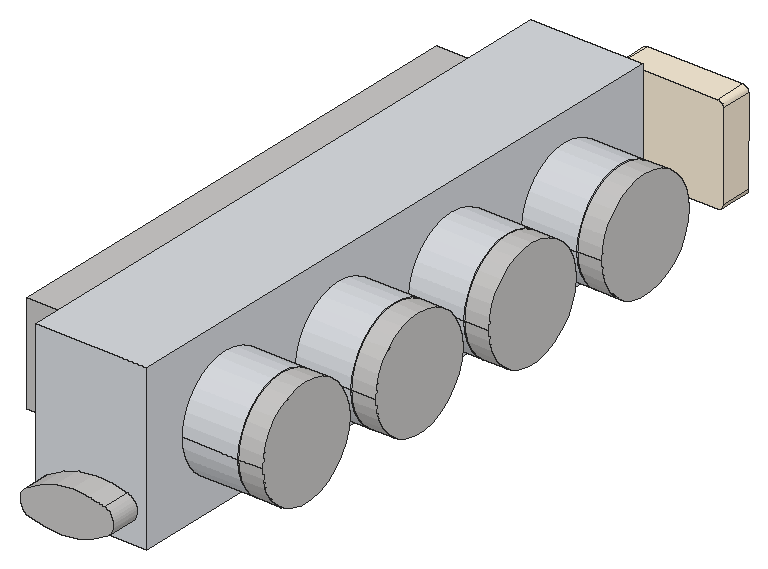
Revit family "HVAC_Ductwork_Airzone_Motorized-Plenum_Toshiba_Standard_4-Dampers", category Mechanical Equipment, Revit 2016
Family settings
  Part Type = Normal
  Round Connector Dimension = Use Diameter
  OmniClass Number = 23.75.70.14
  OmniClass Title = Air Ductwork
  Work Plane-Based = No
  Always vertical = Yes
  Cut with Voids When Loaded = No
  Shared = No
  Room Calculation Point = No
Parameters (values of type "TOSST04M4")
  Voltage = 230 V
  URL = "www.airzone.es"
  Type Image Comments = "Image available in product documentation download"  # constant formula
  Revit Model Version = "1.0"  # constant formula
  Revit Model Author URL = "www.a3d.es"
  Revit Model Author = "A3D Consulting"  # constant formula
  Product Documentation Download URL = "http://doc.airzone.es/BIM/Easyzone/Toshiba-Airzone_motorized_plenum.zip"
  Product Comments = "Refer to technical documentation for further details"  # constant formula
  Power Factor = 1
  Neck Width = 943.600 mm
  Neck Length = 95.000 mm
  Neck Height = 183.600 mm
  Material = Metal - AIRZONE - Galvanized Sheet - Semi-polished
  Main Control Board Material = Plastic - AIRZONE - Smooth - Off-white
  Load Classification = Other
  Insulated Body Width = 205.000 mm  # constant formula
  Insulated Body Material = Metal -AIRZONE - Insulating Lining -Aluminum Finish
  Insulated Body Length = 1140.000 mm  # constant formula
  Insulated Body Height = 300.000 mm  # constant formula
  Flow [instance] = Damper 4 Air Flow + Damper 3 Air Flow + Damper 2 Air Flow + Damper 1 Air Flow - Fresh Air Inlet 2 Flow - Fresh Air Inlet 1 Flow  # 1200 m³/h
  Fresh Air Inlet 1 Flow [instance] = 0 m³/h
  Fresh Air Inlet 2 Flow [instance] = 0 m³/h
  Fresh Air Inlet Connection Width = 175.000 mm
  Fresh Air Inlet Connection Height = 75.000 mm
  Model = "TOSST04M4"
  Neck Side Offset = 98.200 mm
  Neck Bottom Offset = 83.200 mm
  Type Image = <None>
  Manufacturer = "AIRZONE"  # constant formula
  Main Control Board Depth = 57.000 mm  # constant formula
  Main Control Board Width = 195.000 mm  # constant formula
  Main Control Board Height = 180.000 mm  # constant formula
  Fixing = ""
  Disclaimer = "All information provided in this model is reviewed before being published. However, Airzone cannot guarantee this model is error-free, therefore users are strongly encouraged to check for technical documentation and updates"  # constant formula
  Description = "Airzone standard motorized plenum with neck that mechanically adapts to the main ducted AC units of Toshiba."
  Type Comments = ""
  Dampers Length = 149.000 mm  # constant formula
  Dampers Diameter = 200.000 mm  # constant formula
  Damper 4 Air Flow [instance] = 300 m³/h
  Damper 1 Air Flow [instance] = 300 m³/h
  Damper 2 Air Flow [instance] = 300 m³/h
  Damper 3 Air Flow [instance] = 300 m³/h
  Fresh Air Inlet Connection Offset Height = 48.305 mm  # constant formula
  Compatible Accesories = ""
  Apparent Load = 57.5 VA
Types (7, lengths in mm): name | Neck Width | Neck Height | Model | Neck Side Offset | Neck Bottom Offset
  TOSST04M4 | 943.600 | 183.600 | "TOSST04M4" | 98.200 | 83.200
  TOSST03M4 | 943.600 | 183.600 | "TOSST03M4" | 98.200 | 83.200
  TOSST03S4 | 643.600 | 183.600 | "TOSST03S4" | 248.200 | 83.200
  TOSST02M4 | 805.600 | 220.600 | "TOSST02M4" | 207.200 | 39.700
  TOSST02S4 | 505.600 | 220.600 | "TOSST02S4" | 357.200 | 39.700
  TOSST01M4 | 813.600 | 213.600 | "TOSST01M4" | 203.200 | 48.200
  TOSST01S4 | 513.600 | 213.600 | "TOSST01S4" | 353.200 | 48.200
Reference planes
  plane 1 "Center (Front/Back)": y = 0
  plane 2 "Center (Elevation)": z = 0
  plane 3 "Center (Left/Right)": x = 0
  plane 4 "Neck Back": y = 471.8
  plane 5 "Neck Front": y = -471.8
  plane 6 "Neck Top": z = 91.8
  plane 7 "Neck Bottom": z = -91.8
  plane 8 "Left": x = 95
  plane 9 "Bottom": z = -175
  plane 10 "Top": z = 125
  plane 11 "Front": y = -570
  plane 12 "Back": y = 570
  plane 13 "Right": x = 300
  plane 14 "Dampers Front": x = 449
  plane 15 "Dampers Center (Elevation)": z = -25
  plane 16 "Damper3": y = -130
  plane 17 "Damper2": y = 130
  plane 18 "Damper1": y = 390
  plane 19 "Middle": y = 0
  plane 20 "FreshAir Center (Elevation)": z = -126.695
  plane 21 "FreshAir1": y = 622.5
  plane 22 "FreshAir2": y = -622.5
  plane 23 "Dampers Lining": x = 404
  plane 24 "FreshAir Vertical Axis": x = 195.83
  plane 25 "ConnectionBox Side": x = 254
  plane 26 "Main Control Board Center (Left/Right)": x = 351.5
  plane 27 "Damper4": y = -390
Forms (mm)
  Extrusion 1, solid, material "Metal - AIRZONE - Galvanized Sheet - Semi-polished" <- "Material"
    sketch origin (0, 0, 0) x (0, 1, 0) y (0, 0, 1)
      loop
        line (-471.8, 91.8) -> (-471.8, -91.8) -> (471.8, -91.8) -> (471.8, 91.8) -> (-471.8, 91.8)
    from 0 to 95
  Extrusion 2, solid, material "Metal -AIRZONE - Insulating Lining -Aluminum Finish" <- "Insulated Body Material"
    sketch origin (95, 0, 0) x (0, 1, 0) y (0, 0, 1)
      loop
        line (-570, 125) -> (-570, -175) -> (570, -175) -> (570, 125) -> (-570, 125)
    from 0 to 205
  Extrusion 3, solid, material "Metal - AIRZONE - Galvanized Sheet - Semi-polished" <- "Material"
    sketch origin (300, 0, 0) x (0, 1, 0) y (0, 0, 1)
      loop
        circle (-130, -25) r 100
    from 104 to 149
  Extrusion 4, solid, material "Metal - AIRZONE - Galvanized Sheet - Semi-polished" <- "Material"
    sketch origin (300, 0, 0) x (0, 1, 0) y (0, 0, 1)
      loop
        circle (130, -25) r 100
    from 104 to 149
  Extrusion 5, solid, material "Metal - AIRZONE - Galvanized Sheet - Semi-polished" <- "Material"
    sketch origin (300, 0, 0) x (0, 1, 0) y (0, 0, 1)
      loop
        circle (390, -25) r 100
    from 104 to 149
  Extrusion 6, solid, material "Metal - AIRZONE - Galvanized Sheet - Semi-polished" <- "Material"
    sketch origin (0, -570, 0) x (0, 0, 1) y (1, 0, 0)
      loop
        arc (-94.141, 265.204) -> (-115.608, 282.105) -> (-140.312, 270.434) r 25.96
        arc (-140.312, 270.434) -> (-166.302, 200.598) -> (-158.849, 126.456) r 164.67
        arc (-158.849, 126.456) -> (-137.665, 109.589) -> (-112.994, 120.751) r 25.96
        arc (-112.994, 120.751) -> (-86.725, 190.78) -> (-94.141, 265.204) r 164.67
    from 0 to -52.5
  Extrusion 7, solid, material "Metal - AIRZONE - Galvanized Sheet - Semi-polished" <- "Material"
    sketch origin (0, 570, 0) x (0, 0, 1) y (1, 0, 0)
      loop
        arc (-94.141, 265.204) -> (-115.325, 282.071) -> (-139.996, 270.909) r 25.96
        arc (-139.996, 270.909) -> (-166.179, 201.53) -> (-159.267, 127.699) r 164.67
        arc (-159.267, 127.699) -> (-138.032, 109.637) -> (-112.678, 121.226) r 25.96
        arc (-112.678, 121.226) -> (-86.688, 191.062) -> (-94.141, 265.204) r 164.67
    from 0 to 52.5
  Extrusion 8, solid, material "Metal -AIRZONE - Insulating Lining -Aluminum Finish" <- "Insulated Body Material"
    sketch origin (300, 0, 0) x (0, 1, 0) y (0, 0, 1)
      loop
        circle (390, -25) r 100
    from 0 to 104
  Extrusion 9, solid, material "Metal -AIRZONE - Insulating Lining -Aluminum Finish" <- "Insulated Body Material"
    sketch origin (300, -260, 0) x (0, 1, 0) y (0, 0, 1)
      loop
        circle (390, -25) r 100
    from 0 to 104
  Extrusion 10, solid, material "Metal -AIRZONE - Insulating Lining -Aluminum Finish" <- "Insulated Body Material"
    sketch origin (300, -520, 0) x (0, 1, 0) y (0, 0, 1)
      loop
        circle (390, -25) r 100
    from 0 to 104
  Extrusion 11, solid, material "Metal - AIRZONE - Galvanized Sheet - Semi-polished" <- "Material"
    sketch origin (300, -190, 0) x (0, 1, 0) y (0, 0, 1)
      loop
        circle (-200, -25) r 100
    from 104 to 149
  Extrusion 12, solid, material "Metal -AIRZONE - Insulating Lining -Aluminum Finish" <- "Insulated Body Material"
    sketch origin (300, -710, 0) x (0, 1, 0) y (0, 0, 1)
      loop
        circle (320, -25) r 100
    from 0 to 104
Lines and regions (mm)
  Masking region 1
    outline origin (0, 0, 0) x (1, 0, 0) y (0, 1, 0)
      loop
        line (95, 570) -> (95, -570) -> (300, -570) -> (300, 570) -> (95, 570)
  Masking region 2, detail levels medium+fine
    outline origin (0, 0, 0) x (1, 0, 0) y (0, 1, 0)
      loop
        line (0, 471.8) -> (0, -471.8) -> (95, -471.8) -> (95, 471.8) -> (0, 471.8)
  Masking region 3, detail levels medium+fine
    outline origin (0, 0, 0) x (1, 0, 0) y (0, 1, 0)
      loop
        line (300, -30) -> (300, -230) -> (449, -230) -> (449, -30) -> (300, -30)
  Masking region 4, detail levels medium+fine
    outline origin (0, 260, 0) x (1, 0, 0) y (0, 1, 0)
      loop
        line (300, -30) -> (300, -230) -> (449, -230) -> (449, -30) -> (300, -30)
  Masking region 5, detail levels medium+fine
    outline origin (0, 520, 0) x (1, 0, 0) y (0, 1, 0)
      loop
        line (300, -30) -> (300, -230) -> (449, -230) -> (449, -30) -> (300, -30)
  Masking region 6, detail levels medium+fine
    outline origin (0, 0, -126.695) x (1, 0, 0) y (0, 1, 0)
      loop
        line (108.33, 622.5) -> (108.33, 570) -> (283.33, 570) -> (283.33, 622.5) -> (108.33, 622.5)
  Masking region 7, detail levels medium+fine
    outline origin (0, 0, -126.695) x (1, 0, 0) y (0, 1, 0)
      loop
        line (108.33, -570) -> (108.33, -622.5) -> (283.33, -622.5) -> (283.33, -570) -> (108.33, -570)
  Masking region 8, detail levels medium+fine
    outline origin (0, 0, 125) x (0, -1, 0) y (1, 0, 0)
      loop
        line (-627, 254) -> (-570, 254) -> (-570, 449) -> (-627, 449) -> (-627, 254)
  Masking region 9, detail levels medium+fine
    outline origin (0, -190, 0) x (1, 0, 0) y (0, 1, 0)
      loop
        line (300, -100) -> (300, -300) -> (449, -300) -> (449, -100) -> (300, -100)
  symbolic lines, detail levels coarse
    curve 1: line (95, -570, 0) -> (300, 0, 0)
    curve 2: line (300, 0, 0) -> (95, 570, 0)
Dimensions and locks
  equal spacing: plane 4 "Neck Back", plane 1 "Center (Front/Back)", plane 5 "Neck Front"
  "Neck Width": plane 4 "Neck Back" to plane 5 "Neck Front"
  equal spacing: plane 6 "Neck Top", level, plane 7 "Neck Bottom"
  "Neck Height": plane 6 "Neck Top" to plane 7 "Neck Bottom"
  "Neck Length": plane 3 "Center (Left/Right)" to plane 8 "Left"
  "Neck Bottom Offset": plane 7 "Neck Bottom" to plane 9 "Bottom"
  "Insulated Body Height": plane 10 "Top" to plane 9 "Bottom"
  "Insulated Body Length": plane 12 "Back" to plane 11 "Front"
  "Insulated Body Width": plane 8 "Left" to plane 13 "Right"
  "Dampers Length": plane 13 "Right" to plane 14 "Dampers Front"
  equal spacing: plane 10 "Top", plane 15 "Dampers Center (Elevation)", plane 9 "Bottom"
  equal spacing: plane 12 "Back", plane 19 "Middle", plane 11 "Front"
  plane 8 "Left" to plane 13 "Right" = 205.000 mm
  "Fresh Air Inlet Connection Offset Height": plane 20 "FreshAir Center (Elevation)" to plane 9 "Bottom"
  locked: Extrusion 6 sketch curve to plane 9 "Bottom" at 56.47
  locked: plane 13 "Right" to Extrusion 6 sketch curve at 43.69
  locked: plane 13 "Right" to Extrusion 6 sketch curve at 164.65
  locked: Extrusion 6 sketch curve to plane 9 "Bottom" at 40.54
  locked: plane 13 "Right" to Extrusion 6 sketch curve at 87.91
  locked: plane 9 "Bottom" to Extrusion 6 sketch curve at 75.01
  locked: plane 13 "Right" to Extrusion 6 sketch curve at 120.43
  locked: Extrusion 6 sketch curve to plane 9 "Bottom" at 172.02
  locked: plane 13 "Right" to Extrusion 7 sketch curve at 43.69
  locked: Extrusion 7 sketch curve to plane 9 "Bottom" at 56.47
  locked: Extrusion 7 sketch curve to plane 9 "Bottom" at 40.54
  locked: plane 13 "Right" to Extrusion 7 sketch curve at 164.65
  locked: plane 13 "Right" to Extrusion 7 sketch curve at 120.43
  locked: Extrusion 7 sketch curve to plane 9 "Bottom" at 172.02
  locked: plane 9 "Bottom" to Extrusion 7 sketch curve at 75.01
  locked: plane 13 "Right" to Extrusion 7 sketch curve at 87.91
  "Neck Side Offset": plane 12 "Back" to plane 4 "Neck Back"
  locked: plane 21 "FreshAir1" to plane 12 "Back" at 52.5
  plane 11 "Front" to plane 22 "FreshAir2" = 52.500 mm
  locked: connector elem to plane 13 "Right" at 104.17
  locked: plane 20 "FreshAir Center (Elevation)" to connector elem
  locked: plane 13 "Right" to connector elem at 104.17
  locked: connector elem to plane 20 "FreshAir Center (Elevation)"
  locked: plane 23 "Dampers Lining" to plane 14 "Dampers Front" at 45
  locked: plane 24 "FreshAir Vertical Axis" to plane 13 "Right" at 104.17
  equal spacing: Masking region 3 sketch curve, plane 16 "Damper3", Masking region 3 sketch curve
  "Dampers Diameter": Masking region 3 sketch curve to Masking region 3 sketch curve
  "Dampers Diameter": Masking region 4 sketch curve to Masking region 4 sketch curve
  equal spacing: Masking region 5 sketch curve, plane 18 "Damper1", Masking region 5 sketch curve
  "Dampers Diameter": Masking region 5 sketch curve to Masking region 5 sketch curve
  equal spacing: Masking region 6 sketch curve, plane 24 "FreshAir Vertical Axis", Masking region 6 sketch curve
  "Fresh Air Inlet Connection Width": Masking region 6 sketch curve to Masking region 6 sketch curve
  equal spacing: Masking region 7 sketch curve, plane 24 "FreshAir Vertical Axis", Masking region 7 sketch curve
  "Fresh Air Inlet Connection Width": Masking region 7 sketch curve to Masking region 7 sketch curve
  "Main Control Board Depth": Masking region 8 sketch curve to plane 12 "Back"
  "Main Control Board Width": plane 25 "ConnectionBox Side" to plane 14 "Dampers Front"
  equal spacing: plane 25 "ConnectionBox Side", plane 26 "Main Control Board Center (Left/Right)", plane 14 "Dampers Front"
  locked: nested 1 to plane 10 "Top" at 10
  equal spacing: Masking region 4 sketch curve, plane 17 "Damper2", Masking region 4 sketch curve
  equal spacing: Masking region 9 sketch curve, plane 27 "Damper4", Masking region 9 sketch curve
  "Dampers Diameter": Masking region 9 sketch curve to Masking region 9 sketch curve
  plane 18 "Damper1" to plane 17 "Damper2" to plane 16 "Damper3" to plane 27 "Damper4" = 260.000 mm locked, 260.000 mm locked, 260.000 mm locked
  locked: plane 17 "Damper2" to plane 19 "Middle" at 130
  "Dampers Diameter": diameter of Extrusion 3 sketch curve
  "Dampers Diameter": diameter of Extrusion 4 sketch curve
  "Dampers Diameter": diameter of Extrusion 5 sketch curve
  radius of Extrusion 7 sketch curve = 164.670 mm  (x2)
  radius of Extrusion 7 sketch curve = 25.960 mm  (x2)
  radius of Extrusion 6 sketch curve = 164.670 mm  (x2)
  radius of Extrusion 6 sketch curve = 25.960 mm  (x2)
  "Dampers Diameter": diameter of Extrusion 8 sketch curve
  "Dampers Diameter": diameter of Extrusion 9 sketch curve
  "Dampers Diameter": diameter of Extrusion 10 sketch curve
  "Dampers Diameter": diameter of Extrusion 11 sketch curve
  "Dampers Diameter": diameter of Extrusion 12 sketch curve
  aligned and locked: level to plane 2 "Center (Elevation)"
  aligned and locked: plane 5 "Neck Front" to Extrusion 1 sketch curve
  aligned and locked: Extrusion 1 sketch curve to plane 6 "Neck Top"
  aligned and locked: Extrusion 1 sketch curve to plane 4 "Neck Back"
  aligned and locked: plane 7 "Neck Bottom" to Extrusion 1 sketch curve
  aligned and locked: Extrusion 1 to plane 3 "Center (Left/Right)"
  aligned and locked: Extrusion 2 sketch curve to plane 10 "Top"
  aligned and locked: Extrusion 2 sketch curve to plane 12 "Back"
  aligned and locked: plane 9 "Bottom" to Extrusion 2 sketch curve
  aligned and locked: plane 11 "Front" to Extrusion 2 sketch curve
  aligned and locked: plane 13 "Right" to Extrusion 2
  aligned and locked: Extrusion 2 to plane 8 "Left"
  aligned and locked: plane 16 "Damper3" to Extrusion 3 sketch curve
  aligned and locked: plane 15 "Dampers Center (Elevation)" to Extrusion 3 sketch curve
  aligned and locked: plane 15 "Dampers Center (Elevation)" to Extrusion 4 sketch curve
  aligned and locked: plane 18 "Damper1" to Extrusion 5 sketch curve
  aligned and locked: plane 15 "Dampers Center (Elevation)" to Extrusion 5 sketch curve
  aligned and locked: plane 14 "Dampers Front" to Extrusion 5
  aligned and locked: plane 14 "Dampers Front" to Extrusion 4
  aligned and locked: plane 14 "Dampers Front" to Extrusion 3
  aligned and locked: plane 8 "Left" to Extrusion 1
  aligned and locked: plane 22 "FreshAir2" to Extrusion 6
  aligned and locked: plane 21 "FreshAir1" to Extrusion 7
  aligned and locked: Extrusion 7 to plane 12 "Back"
  aligned and locked: plane 11 "Front" to Extrusion 6
  aligned and locked: Extrusion 5 to plane 23 "Dampers Lining"
  aligned and locked: Extrusion 5 to Extrusion 4
  aligned and locked: Extrusion 4 to Extrusion 3
  aligned and locked: plane 23 "Dampers Lining" to Extrusion 8
  aligned and locked: Extrusion 10 to plane 13 "Right"
  aligned and locked: plane 23 "Dampers Lining" to Extrusion 10
  aligned and locked: Extrusion 9 to plane 13 "Right"
  aligned and locked: plane 23 "Dampers Lining" to Extrusion 9
  aligned and locked: Extrusion 8 to plane 13 "Right"
  aligned and locked: Extrusion 9 to Extrusion 8
  aligned and locked: plane 18 "Damper1" to Extrusion 8 sketch curve
  aligned and locked: plane 15 "Dampers Center (Elevation)" to Extrusion 8 sketch curve
  aligned and locked: plane 15 "Dampers Center (Elevation)" to Extrusion 9 sketch curve
  aligned and locked: plane 16 "Damper3" to Extrusion 10 sketch curve
  aligned and locked: plane 15 "Dampers Center (Elevation)" to Extrusion 10 sketch curve
  aligned and locked: Masking region 1 sketch curve to plane 12 "Back"
  aligned and locked: plane 8 "Left" to Masking region 1 sketch curve
  aligned and locked: Masking region 1 sketch curve to plane 13 "Right"
  aligned and locked: plane 11 "Front" to Masking region 1 sketch curve
  aligned and locked: plane 5 "Neck Front" to Masking region 2 sketch curve
  aligned and locked: plane 3 "Center (Left/Right)" to Masking region 2 sketch curve
  aligned and locked: Masking region 2 sketch curve to plane 4 "Neck Back"
  aligned and locked: Masking region 2 sketch curve to plane 8 "Left"
  aligned and locked: plane 13 "Right" to Masking region 3 sketch curve
  aligned and locked: Masking region 3 sketch curve to plane 14 "Dampers Front"
  aligned and locked: plane 13 "Right" to Masking region 4 sketch curve
  aligned and locked: Masking region 4 sketch curve to plane 14 "Dampers Front"
  aligned and locked: plane 13 "Right" to Masking region 5 sketch curve
  aligned and locked: Masking region 5 sketch curve to plane 14 "Dampers Front"
  aligned and locked: plane 12 "Back" to Masking region 6 sketch curve
  aligned and locked: Masking region 6 sketch curve to plane 21 "FreshAir1"
  aligned and locked: Masking region 7 sketch curve to plane 11 "Front"
  aligned and locked: Masking region 7 sketch curve to plane 22 "FreshAir2"
  aligned and locked: plane 12 "Back" to Masking region 8 sketch curve
  aligned and locked: Masking region 8 sketch curve to plane 14 "Dampers Front"
  aligned and locked: plane 25 "ConnectionBox Side" to Masking region 8 sketch curve
  aligned and locked: plane 17 "Damper2" to Extrusion 9 sketch curve
  aligned and locked: plane 17 "Damper2" to Extrusion 4 sketch curve
  aligned and locked: Masking region 9 sketch curve to plane 14 "Dampers Front"
  aligned and locked: plane 13 "Right" to Masking region 9 sketch curve
  aligned and locked: Extrusion 12 to plane 13 "Right"
  aligned and locked: plane 23 "Dampers Lining" to Extrusion 12
  aligned and locked: Extrusion 11 to plane 23 "Dampers Lining"
  aligned and locked: plane 14 "Dampers Front" to Extrusion 11
  aligned and locked: plane 15 "Dampers Center (Elevation)" to Extrusion 12 sketch curve
  aligned and locked: plane 27 "Damper4" to Extrusion 12 sketch curve
  aligned and locked: plane 15 "Dampers Center (Elevation)" to Extrusion 11 sketch curve
  aligned and locked: plane 27 "Damper4" to Extrusion 11 sketch curve
  aligned and locked: nested 1 to plane 26 "Main Control Board Center (Left/Right)"
Automatic sketch dimensions
  curve 2 to plane 8 "Left" = 0.000 mm
  curve 1 to plane 8 "Left" = 0.000 mm
  curve 2 to plane 13 "Right" = 0.000 mm
  curve 1 to plane 11 "Front" = 0.000 mm
  curve 2 to plane 19 "Middle" = 0.000 mm
  curve 2 to plane 12 "Back" = 0.000 mm
Nested families
  nested 1: "Airzone_Main-Control-Board" at (351.5, 570, 25) x (-1, 0, 0) z (0, 1, 0), Extrusion <- "Main Control Board Depth", Height <- "Main Control Board Height", Width <- "Main Control Board Width", Material <- "Main Control Board Material", type "Standard"
    with Width 195.000 mm, Material Plastic - AIRZONE - Smooth - Off-white, Height 180.000 mm, Extrusion 57.000 mm
Connectors
  hvac at (449, -130, -25), driven by "Damper 3 Air Flow", driven by "Dampers Diameter"
    settings: on Extrusion 3, index 1, duct flow 300 m³/h, flow factor 0, pres drop 0.0 Pa, loss coef 0, conn angle 0.00°, conn width 304.8 mm, conn height 304.8 mm, conn diameter 200 mm, duct sys type 1, conn prof type 0, flow config 0, flow direction 2, loss method 0, conn ref index -1, conn util no, is conn primary no, conn desc "Supply Air Out 3"
  hvac at (449, 130, -25), driven by "Damper 2 Air Flow", driven by "Dampers Diameter"
    settings: on Extrusion 4, index 2, duct flow 300 m³/h, flow factor 0, pres drop 0.0 Pa, loss coef 0, conn angle 0.00°, conn width 304.8 mm, conn height 304.8 mm, conn diameter 200 mm, duct sys type 1, conn prof type 0, flow config 0, flow direction 2, loss method 0, conn ref index -1, conn util no, is conn primary no, conn desc "Supply Air Out 2"
  hvac at (449, 390, -25), driven by "Damper 1 Air Flow", driven by "Dampers Diameter"
    settings: on Extrusion 5, index 3, duct flow 300 m³/h, flow factor 0, pres drop 0.0 Pa, loss coef 0, conn angle 0.00°, conn width 304.8 mm, conn height 304.8 mm, conn diameter 200 mm, duct sys type 1, conn prof type 0, flow config 0, flow direction 2, loss method 0, conn ref index -1, conn util no, is conn primary no, conn desc "Supply Air Out 1"
  hvac at (0, 0, 0), driven by "Flow", driven by "Neck Height", driven by "Neck Width"
    settings: on Extrusion 1, index 6, duct flow 1200 m³/h, flow factor 0, pres drop 0.0 Pa, loss coef 0, conn angle 0.00°, conn width 943.6 mm, conn height 183.6 mm, conn diameter 609.6 mm, duct sys type 1, conn prof type 1, flow config 1, flow direction 1, loss method 0, conn ref index -1, conn util no, is conn primary yes, conn desc "Supply Air In"
  hvac at (195.83, -622.5, -126.695), driven by "Fresh Air Inlet 2 Flow", driven by "Fresh Air Inlet Connection Width", driven by "Fresh Air Inlet Connection Height"
    settings: index 7, duct flow 0 m³/h, flow factor 0, pres drop 0.0 Pa, loss coef 0, conn angle 0.00°, conn width 175 mm, conn height 75 mm, conn diameter 609.6 mm, duct sys type 1, conn prof type 2, flow config 1, flow direction 1, loss method 0, conn ref index -1, conn util no, is conn primary no, conn desc "Fresh Air In 2"
  hvac at (195.83, 622.5, -126.695), driven by "Fresh Air Inlet 1 Flow", driven by "Fresh Air Inlet Connection Height", driven by "Fresh Air Inlet Connection Width"
    settings: index 8, duct flow 0 m³/h, flow factor 0, pres drop 0.0 Pa, loss coef 0, conn angle 0.00°, conn width 175 mm, conn height 75 mm, conn diameter 609.6 mm, duct sys type 1, conn prof type 2, flow config 1, flow direction 1, loss method 0, conn ref index -1, conn util no, is conn primary no, conn desc "Fresh Air In 1"
  hvac at (449, -390, -25), driven by "Damper 4 Air Flow", driven by "Dampers Diameter"
    settings: on Extrusion 11, index 9, duct flow 300 m³/h, flow factor 0, pres drop 0.0 Pa, loss coef 0, conn angle 0.00°, conn width 304.8 mm, conn height 304.8 mm, conn diameter 200 mm, duct sys type 1, conn prof type 0, flow config 0, flow direction 2, loss method 0, conn ref index -1, conn util no, is conn primary no, conn desc "Supply Air Out 4"
  electrical at (351.5, 627, 25), driven by "Load Classification", driven by "Voltage", driven by "Apparent Load", driven by "Power Factor"
    settings: on nested 1, index 10, voltage 230 V, apparent load 57.5 VA, apparent load phase1 0 VA, apparent load phase2 0 VA, apparent load phase3 0 VA, power factor 1, load classification "Other", number of poles 1, system type 30, power factor state 1, is connector primary yes, connector utility no, sub classification motor no, connector description "Power Supply"
Definition of nested family "Airzone_Main-Control-Board"
  Parameters (values of type "Standard")
    Width [instance] = 195.000 mm
    URL = "www.airzone.es"
    Revit Model Version = "1.0"  # constant formula
    Revit Model Author URL = "www.a3d.es"
    Revit Model Author = "A3D Consulting"  # constant formula
    Material [instance] = none
    Manufacturer = "AIRZONE"  # constant formula
    Height [instance] = 180.000 mm
    Extrusion [instance] = 57.000 mm
    Default Elevation = 0.000 mm
  Reference planes
    plane 1 "Center (Front/Back)": y = 0
    plane 2: z = 0
    plane 3 "Center (Left/Right)": x = 0
    plane 4: y = 90
    plane 5: y = -90
    plane 6: x = 97.5
    plane 7: x = -97.5
  Forms (mm)
    Extrusion 1, solid, material <- "Material"
      sketch origin (0, 0, 0) x (1, 0, 0) y (0, 1, 0)
        loop
          arc (-87.5, 90) -> (-94.571, 87.071) -> (-97.5, 80) r 10
          line (-97.5, 80) -> (-97.5, -80)
          arc (-97.5, -80) -> (-94.571, -87.071) -> (-87.5, -90) r 10
          line (-87.5, -90) -> (87.5, -90)
          arc (87.5, -90) -> (94.571, -87.071) -> (97.5, -80) r 10
          line (97.5, -80) -> (97.5, 80)
          arc (97.5, 80) -> (94.571, 87.071) -> (87.5, 90) r 10
          line (87.5, 90) -> (-87.5, 90)
      from 0 to 57 <- "Extrusion"
  Dimensions and locks
    equal spacing: plane 7, plane 3 "Center (Left/Right)", plane 6
    equal spacing: plane 4, plane 1 "Center (Front/Back)", plane 5
    "Width": plane 7 to plane 6
    "Height": plane 4 to plane 5
    radius of Extrusion 1 sketch curve = 10.000 mm  (x4)
    aligned and locked: level to plane 2
    aligned and locked: plane 5 to Extrusion 1 sketch curve
    aligned and locked: Extrusion 1 sketch curve to plane 6
    aligned and locked: Extrusion 1 sketch curve to plane 4
    aligned and locked: plane 7 to Extrusion 1 sketch curve
